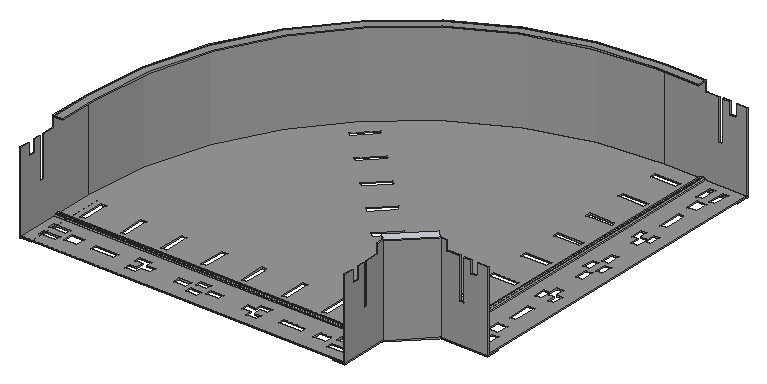
Revit family "Bogen 90 RBM 90 140 FS", category Generic Models, Revit 2017
Family settings
  Can host rebar = No
  Round Connector Dimension = Use Diameter
  Part Type = Normal
  Work Plane-Based = No
  Always vertical = Yes
  Cut with Voids When Loaded = No
  Shared = No
  Room Calculation Point = No
Parameters (values of type "RBM 90 140 FS")
  Width = 400 mm
  URL = "http://www.obo-bettermann.com"
  Material = Strip galvanised
  Manufacturer Art.No. = "6041846"
  Manufacturer = "OBO BETTERMANN"
  GTIN = "4012195880578"
  Cut's number = 8
  Article Type = "RBM 90 140 FS"
Reference planes
  plane 1 "Center (Front/Back)": y = 0
  plane 2: z = 0
  plane 3 "Center (Left/Right)": x = 0
  plane 4: x = 400
  plane 5: x = 345.5
  plane 6: x = 340.7
  plane 7: z = 3.25
  plane 8: y = 400
  plane 9: y = -100
  plane 10: x = -100
  plane 11: y = -40.7
  plane 12: y = -45.5
  plane 13: z = 3.25
  plane 14: x = 300
  plane 15: y = 3.1
  plane 16: x = 296.9
  plane 17: through (400, -100, 1200) normal (-0.7071, -0.7071, 0)
  plane 18: x = 100
  plane 19: y = -74.5
  plane 20: y = -66.5
  plane 21: y = -82.5
  plane 22: x = 120
  plane 23: x = 80
  plane 24: x = 182
  plane 25: x = 216.5
  plane 26: x = 254
  plane 27: x = 278.5
  plane 28: through (400, -100, 1200) normal (-0.7071, -0.7071, 0)
  plane 29: x = 319
  plane 30: y = 375
  plane 31: y = 25
  plane 32: x = 319
  plane 33: y = 325
  plane 34: y = -25
  plane 35: x = 319
  plane 36: y = 275
  plane 37: y = -75
  plane 38: x = 319
  plane 39: y = 225
  plane 40: y = -125
  plane 41: x = 319
  plane 42: y = 175
  plane 43: y = -175
  plane 44: x = 319
  plane 45: y = 125
  plane 46: y = -225
  plane 47: x = 319
  plane 48: y = 75
  plane 49: y = -275
  plane 50: x = 319
  plane 51: y = 25
  plane 52: y = -325
  plane 53: x = -75
  plane 54: y = -19
  plane 55: x = -25
  plane 56: y = -19
  plane 57: x = 25
  plane 58: y = -19
  plane 59: x = 75
  plane 60: y = -19
  plane 61: x = 125
  plane 62: y = -19
  plane 63: x = 175
  plane 64: y = -19
  plane 65: x = 225
  plane 66: y = -19
  plane 67: x = 275
  plane 68: y = -19
  plane 69: z = -1.25
  plane 70: z = 111.75
  plane 71: x = 348.5
  plane 72: y = -48.5
  plane 73: z = 110.5
  plane 74: z = 48.75
  plane 75: x = 370
  plane 76: x = 384.5
  plane 77: z = 96.95
  plane 78: z = 98.75
  plane 79: z = 83.95
  plane 80: z = 98.75
  plane 81: z = 48.75
  plane 82: y = -70
  plane 83: y = -84.5
  plane 84: z = 96.95
  plane 85: z = 109.25
Forms (mm)
  Extrusion 1, solid, material "Strip galvanised" <- "Material"
    sketch origin (0, 0, 0) x (1, 0, 0) y (0, 0, 1)
      loop
        line (400, 0) -> (400, 1.3) -> (349.106, 1.3)
        arc (349.106, 1.3) -> (348.391, 1.482) -> (347.848, 1.983) r 1.5
        arc (347.848, 1.983) -> (345.5, 3.258) -> (343.152, 1.983) r 2.8
        arc (343.152, 1.983) -> (342.609, 1.482) -> (341.894, 1.3) r 1.5
        line (341.894, 1.3) -> (340.7, 1.3) -> (340.7, 0) -> (341.894, 0)
        arc (341.894, 0) -> (343.23, 0.339) -> (344.242, 1.275) r 2.8
        arc (344.242, 1.275) -> (345.5, 1.958) -> (346.758, 1.275) r 1.5
        arc (346.758, 1.275) -> (347.77, 0.339) -> (349.106, 0) r 2.8
        line (349.106, 0) -> (400, 0)
    from 0 to -400
  Extrusion 2, solid, material "Strip galvanised" <- "Material"
    sketch origin (0, 0, 0) x (0, 1, 0) y (0, 0, 1)
      loop
        line (-100, 0) -> (-49.157, 0)
        arc (-49.157, 0) -> (-47.825, 0.337) -> (-46.813, 1.268) r 2.8
        arc (-46.813, 1.268) -> (-45.558, 1.948) -> (-44.302, 1.268) r 1.5
        arc (-44.302, 1.268) -> (-43.291, 0.337) -> (-41.958, 0) r 2.8
        line (-41.958, 0) -> (-40.7, 0) -> (-40.7, 1.3) -> (-41.958, 1.3)
        arc (-41.958, 1.3) -> (-42.672, 1.481) -> (-43.214, 1.979) r 1.5
        arc (-43.214, 1.979) -> (-45.558, 3.248) -> (-47.902, 1.979) r 2.8
        arc (-47.902, 1.979) -> (-48.444, 1.481) -> (-49.157, 1.3) r 1.5
        line (-49.157, 1.3) -> (-100, 1.3) -> (-100, 0)
    from -100 to 300
  Extrusion 3, solid, material "Strip galvanised" <- "Material"
    sketch origin (0, 0, 0) x (1, 0, 0) y (0, 1, 0)
      loop
        line (-100, -40.7) -> (300, -40.7) -> (340.7, 0) -> (340.7, 400) -> (296.9, 400)
        arc (296.9, 400) -> (16.249, 283.751) -> (-100, 3.1) r 396.9
        line (-100, 3.1) -> (-100, -40.7)
    from 0 to 1.3
  Extrusion 4, void
    sketch origin (0, 0, 0) x (1, 0, 0) y (0, 1, 0)
      loop
        line (93, -62.71) -> (93, -70.31) -> (107, -70.31) -> (107, -62.71) -> (93, -62.71)
      loop
        line (93, -86.29) -> (107, -86.29) -> (107, -78.69) -> (93, -78.69) -> (93, -86.29)
      loop
        line (112, -70.31) -> (112, -78.69) -> (128.03, -78.69) -> (128.03, -70.31) -> (112, -70.31)
      loop
        line (72, -70.31) -> (72, -78.69) -> (88, -78.69) -> (88, -70.31) -> (72, -70.31)
      loop
        line (182, -70.31) -> (182, -62.739) -> (167.983, -62.739) -> (167.983, -70.31) -> (156.979, -70.31) -> (156.979, -78.69) -> (167.983, -78.69) -> (167.983, -86.26) -> (182, -86.26) -> (182, -78.69) -> (173.003, -78.69) -> (173.003, -70.31) -> (182, -70.31)
      loop
        line (202, -70.5) -> (202, -78.5) -> (231, -78.5) -> (231, -70.5) -> (202, -70.5)
      loop
        line (246, -68.5) -> (246, -80.5) -> (262, -80.5) -> (262, -68.5) -> (246, -68.5)
      loop
        line (268, -62.7) -> (268, -70.3) -> (289, -70.3) -> (289, -62.7) -> (268, -62.7)
      loop
        line (268, -86.3) -> (289, -86.3) -> (289, -78.7) -> (268, -78.7) -> (268, -86.3)
      loop
        line (18, -70.31) -> (26.997, -70.31) -> (26.997, -78.69) -> (18, -78.69) -> (18, -86.26) -> (32.017, -86.26) -> (32.017, -78.69) -> (43.021, -78.69) -> (43.021, -70.31) -> (32.017, -70.31) -> (32.017, -62.739) -> (18, -62.739) -> (18, -70.31)
      loop
        line (-2, -70.5) -> (-31, -70.5) -> (-31, -78.5) -> (-2, -78.5) -> (-2, -70.5)
      loop
        line (-46, -68.5) -> (-62, -68.5) -> (-62, -80.5) -> (-46, -80.5) -> (-46, -68.5)
      loop
        line (-68, -62.7) -> (-89, -62.7) -> (-89, -70.3) -> (-68, -70.3) -> (-68, -62.7)
      loop
        line (-68, -86.3) -> (-68, -78.7) -> (-89, -78.7) -> (-89, -86.3) -> (-68, -86.3)
    from 0 to 1.3
  Extrusion 5, void
    sketch origin (0, 0, 0) x (1, 0, 0) y (0, 1, 0)
      loop
        line (362.7, 389) -> (362.7, 368) -> (370.3, 368) -> (370.3, 389) -> (362.7, 389)
      loop
        line (378.7, 389) -> (378.7, 368) -> (386.3, 368) -> (386.3, 389) -> (378.7, 389)
      loop
        line (368.5, 362) -> (368.5, 346) -> (380.5, 346) -> (380.5, 362) -> (368.5, 362)
      loop
        line (370.5, 331) -> (370.5, 302) -> (378.5, 302) -> (378.5, 331) -> (370.5, 331)
      loop
        line (362.739, 282) -> (362.739, 267.983) -> (370.31, 267.983) -> (370.31, 256.979) -> (378.69, 256.979) -> (378.69, 267.983) -> (386.26, 267.983) -> (386.26, 282) -> (378.69, 282) -> (378.69, 273.003) -> (370.31, 273.003) -> (370.31, 282) -> (362.739, 282)
      loop
        line (370.31, 228) -> (370.31, 212) -> (378.69, 212) -> (378.69, 228) -> (370.31, 228)
      loop
        line (378.69, 207) -> (378.69, 193) -> (386.29, 193) -> (386.29, 207) -> (378.69, 207)
      loop
        line (362.71, 207) -> (362.71, 193) -> (370.31, 193) -> (370.31, 207) -> (362.71, 207)
      loop
        line (370.31, 188) -> (370.31, 171.97) -> (378.69, 171.97) -> (378.69, 188) -> (370.31, 188)
      loop
        line (370.5, 98) -> (370.5, 69) -> (378.5, 69) -> (378.5, 98) -> (370.5, 98)
      loop
        line (368.5, 54) -> (368.5, 38) -> (380.5, 38) -> (380.5, 54) -> (368.5, 54)
      loop
        line (362.7, 32) -> (362.7, 11) -> (370.3, 11) -> (370.3, 32) -> (362.7, 32)
      loop
        line (378.7, 32) -> (378.7, 11) -> (386.3, 11) -> (386.3, 32) -> (378.7, 32)
      loop
        line (362.739, 118) -> (370.31, 118) -> (370.31, 126.997) -> (378.69, 126.997) -> (378.69, 118) -> (386.26, 118) -> (386.26, 132.017) -> (378.69, 132.017) -> (378.69, 143.021) -> (370.31, 143.021) -> (370.31, 132.017) -> (362.739, 132.017) -> (362.739, 118)
    from 0 to 1.3
  Extrusion 6, void
    sketch origin (0, 0, 0) x (1, 0, 0) y (0, 1, 0)
      loop
        line (303, 378.5) -> (303, 371.5) -> (335, 371.5) -> (335, 378.5) -> (303, 378.5)
    from 0 to 1.3
  Extrusion 7, void
    sketch origin (0, -50, 0) x (1, 0, 0) y (0, 1, 0)
      loop
        line (303, 378.5) -> (303, 371.5) -> (335, 371.5) -> (335, 378.5) -> (303, 378.5)
    from 0 to 1.3
  Extrusion 8, void
    sketch origin (0, -100, 0) x (1, 0, 0) y (0, 1, 0)
      loop
        line (303, 378.5) -> (303, 371.5) -> (335, 371.5) -> (335, 378.5) -> (303, 378.5)
    from 0 to 1.3
  Extrusion 9, void
    sketch origin (0, -150, 0) x (1, 0, 0) y (0, 1, 0)
      loop
        line (303, 378.5) -> (303, 371.5) -> (335, 371.5) -> (335, 378.5) -> (303, 378.5)
    from 0 to 1.3
  Extrusion 10, void
    sketch origin (0, -200, 0) x (1, 0, 0) y (0, 1, 0)
      loop
        line (303, 378.5) -> (303, 371.5) -> (335, 371.5) -> (335, 378.5) -> (303, 378.5)
    from 0 to 1.3
  Extrusion 11, void
    sketch origin (0, -250, 0) x (1, 0, 0) y (0, 1, 0)
      loop
        line (303, 378.5) -> (303, 371.5) -> (335, 371.5) -> (335, 378.5) -> (303, 378.5)
    from 0 to 1.3
  Extrusion 12, void
    sketch origin (0, -300, 0) x (1, 0, 0) y (0, 1, 0)
      loop
        line (303, 378.5) -> (303, 371.5) -> (335, 371.5) -> (335, 378.5) -> (303, 378.5)
    from 0 to 1.3
  Extrusion 13, void
    sketch origin (0, -350, 0) x (1, 0, 0) y (0, 1, 0)
      loop
        line (303, 378.5) -> (303, 371.5) -> (335, 371.5) -> (335, 378.5) -> (303, 378.5)
    from 0 to 1.3
  Extrusion 14, void
    sketch origin (0, 0, 0) x (1, 0, 0) y (0, 1, 0)
      loop
        line (-78.5, -3) -> (-78.5, -35) -> (-71.5, -35) -> (-71.5, -3) -> (-78.5, -3)
    from 0 to 1.3
  Extrusion 15, void
    sketch origin (50, 0, 0) x (1, 0, 0) y (0, 1, 0)
      loop
        line (-78.5, -3) -> (-78.5, -35) -> (-71.5, -35) -> (-71.5, -3) -> (-78.5, -3)
    from 0 to 1.3
  Extrusion 16, void
    sketch origin (100, 0, 0) x (1, 0, 0) y (0, 1, 0)
      loop
        line (-78.5, -3) -> (-78.5, -35) -> (-71.5, -35) -> (-71.5, -3) -> (-78.5, -3)
    from 0 to 1.3
  Extrusion 17, void
    sketch origin (150, 0, 0) x (1, 0, 0) y (0, 1, 0)
      loop
        line (-78.5, -3) -> (-78.5, -35) -> (-71.5, -35) -> (-71.5, -3) -> (-78.5, -3)
    from 0 to 1.3
  Extrusion 18, void
    sketch origin (200, 0, 0) x (1, 0, 0) y (0, 1, 0)
      loop
        line (-78.5, -3) -> (-78.5, -35) -> (-71.5, -35) -> (-71.5, -3) -> (-78.5, -3)
    from 0 to 1.3
  Extrusion 19, void
    sketch origin (250, 0, 0) x (1, 0, 0) y (0, 1, 0)
      loop
        line (-78.5, -3) -> (-78.5, -35) -> (-71.5, -35) -> (-71.5, -3) -> (-78.5, -3)
    from 0 to 1.3
  Extrusion 20, void
    sketch origin (300, 0, 0) x (1, 0, 0) y (0, 1, 0)
      loop
        line (-78.5, -3) -> (-78.5, -35) -> (-71.5, -35) -> (-71.5, -3) -> (-78.5, -3)
    from 0 to 1.3
  Extrusion 21, void
    sketch origin (350, 0, 0) x (1, 0, 0) y (0, 1, 0)
      loop
        line (-78.5, -3) -> (-78.5, -35) -> (-71.5, -35) -> (-71.5, -3) -> (-78.5, -3)
    from 0 to 1.3
  Extrusion 22, void
    sketch origin (0, 0, 0) x (1, 0, 0) y (0, 1, 0)
      loop
        arc (43.007, 279.62) -> (31.452, 268.548) -> (20.38, 256.993) r 375.4
        line (20.38, 256.993) -> (25.334, 252.039)
        arc (25.334, 252.039) -> (36.402, 263.598) -> (47.961, 274.666) r 368.4
        line (47.961, 274.666) -> (43.007, 279.62)
    from 0 to 1.3
  Extrusion 23, void
    sketch origin (35.355, -35.355, 0) x (1, 0, 0) y (0, 1, 0)
      loop
        arc (43.007, 279.62) -> (31.452, 268.548) -> (20.38, 256.993) r 375.4
        line (20.38, 256.993) -> (25.334, 252.039)
        arc (25.334, 252.039) -> (36.402, 263.598) -> (47.961, 274.666) r 368.4
        line (47.961, 274.666) -> (43.007, 279.62)
    from 0 to 1.3
  Extrusion 24, void
    sketch origin (70.711, -70.711, 0) x (1, 0, 0) y (0, 1, 0)
      loop
        arc (43.007, 279.62) -> (31.452, 268.548) -> (20.38, 256.993) r 375.4
        line (20.38, 256.993) -> (25.334, 252.039)
        arc (25.334, 252.039) -> (36.402, 263.598) -> (47.961, 274.666) r 368.4
        line (47.961, 274.666) -> (43.007, 279.62)
    from 0 to 1.3
  Extrusion 25, void
    sketch origin (106.066, -106.066, 0) x (1, 0, 0) y (0, 1, 0)
      loop
        arc (43.007, 279.62) -> (31.452, 268.548) -> (20.38, 256.993) r 375.4
        line (20.38, 256.993) -> (25.334, 252.039)
        arc (25.334, 252.039) -> (36.402, 263.598) -> (47.961, 274.666) r 368.4
        line (47.961, 274.666) -> (43.007, 279.62)
    from 0 to 1.3
  Extrusion 26, void
    sketch origin (141.421, -141.421, 0) x (1, 0, 0) y (0, 1, 0)
      loop
        arc (43.007, 279.62) -> (31.452, 268.548) -> (20.38, 256.993) r 375.4
        line (20.38, 256.993) -> (25.334, 252.039)
        arc (25.334, 252.039) -> (36.402, 263.598) -> (47.961, 274.666) r 368.4
        line (47.961, 274.666) -> (43.007, 279.62)
    from 0 to 1.3
  Extrusion 27, void
    sketch origin (176.777, -176.777, 0) x (1, 0, 0) y (0, 1, 0)
      loop
        arc (43.007, 279.62) -> (31.452, 268.548) -> (20.38, 256.993) r 375.4
        line (20.38, 256.993) -> (25.334, 252.039)
        arc (25.334, 252.039) -> (36.402, 263.598) -> (47.961, 274.666) r 368.4
        line (47.961, 274.666) -> (43.007, 279.62)
    from 0 to 1.3
  Extrusion 28, void
    sketch origin (212.132, -212.132, 0) x (1, 0, 0) y (0, 1, 0)
      loop
        arc (43.007, 279.62) -> (31.452, 268.548) -> (20.38, 256.993) r 375.4
        line (20.38, 256.993) -> (25.334, 252.039)
        arc (25.334, 252.039) -> (36.402, 263.598) -> (47.961, 274.666) r 368.4
        line (47.961, 274.666) -> (43.007, 279.62)
    from 0 to 1.3
  Extrusion 29, void
    sketch origin (247.487, -247.487, 0) x (1, 0, 0) y (0, 1, 0)
      loop
        arc (43.007, 279.62) -> (31.452, 268.548) -> (20.38, 256.993) r 375.4
        line (20.38, 256.993) -> (25.334, 252.039)
        arc (25.334, 252.039) -> (36.402, 263.598) -> (47.961, 274.666) r 368.4
        line (47.961, 274.666) -> (43.007, 279.62)
    from 0 to 1.3
  Extrusion 30, solid, material "Strip galvanised" <- "Material"
    sketch origin (0, 0, 0) x (1, 0, 0) y (0, 1, 0)
      loop
        line (400, 400) -> (296.9, 400)
        arc (296.9, 400) -> (16.249, 283.751) -> (-100, 3.1) r 396.9
        line (-100, 3.1) -> (-100, -100) -> (-86.2, -100) -> (-86.2, 3.1)
        arc (-86.2, 3.1) -> (26.007, 273.993) -> (296.9, 386.2) r 383.1
        line (296.9, 386.2) -> (400, 386.2) -> (400, 400)
    from 0 to -1.25
  Extrusion 31, solid, material "Strip galvanised" <- "Material"
    sketch origin (0, 0, 0) x (1, 0, 0) y (0, 1, 0)
      loop
        line (400, 400) -> (400, 401.3) -> (296.9, 401.3)
        arc (296.9, 401.3) -> (15.33, 284.67) -> (-101.3, 3.1) r 398.2
        line (-101.3, 3.1) -> (-101.3, -100) -> (-100, -100) -> (-100, 3.1)
        arc (-100, 3.1) -> (16.249, 283.751) -> (296.9, 400) r 396.9
        line (296.9, 400) -> (400, 400)
    from -1.25 to 111.75
  Extrusion 32, solid, material "Strip galvanised" <- "Material"
    sketch origin (0, 0, 0) x (1, 0, 0) y (0, 1, 0)
      loop
        line (348.5, 400) -> (296.9, 400)
        arc (296.9, 400) -> (16.249, 283.751) -> (-100, 3.1) r 396.9
        line (-100, 3.1) -> (-100, -48.5) -> (-89.2, -48.5) -> (-89.2, 3.1)
        arc (-89.2, 3.1) -> (23.886, 276.114) -> (296.9, 389.2) r 386.1
        line (296.9, 389.2) -> (348.5, 389.2) -> (348.5, 400)
    from 110.5 to 111.75
  Extrusion 33, void
    sketch origin (0, 0, 0) x (1, 0, 0) y (0, 0, 1)
      loop
        line (370, 111.75) -> (365, 111.75) -> (365, 48.75) -> (370, 48.75) -> (370, 111.75)
      loop
        line (387.7, 111.75) -> (378.7, 111.75) -> (378.7, 83.95) -> (387.7, 83.95) -> (387.7, 111.75)
    from -401.3 to -400
  Extrusion 34, void
    sketch origin (0, 0, 0) x (1, 0, 0) y (0, 0, 1)
      loop
        line (348.5, 111.75) -> (348.5, 98.75) -> (365, 98.75) -> (365, 111.75) -> (348.5, 111.75)
      loop
        line (370, 111.75) -> (370, 98.75) -> (381.3, 98.75) -> (381.3, 111.75) -> (370, 111.75)
      loop
        line (387.7, 111.75) -> (387.7, 98.75) -> (400, 98.75) -> (400, 111.75) -> (387.7, 111.75)
    from -401.3 to -400
  Extrusion 35, void
    sketch origin (300, 300, 0) x (0, -1, 0) y (0, 0, -1)
      loop
        line (348.5, -111.75) -> (365, -111.75) -> (365, -98.75) -> (348.5, -98.75) -> (348.5, -111.75)
      loop
        line (370, -111.75) -> (381.3, -111.75) -> (381.3, -98.75) -> (370, -98.75) -> (370, -111.75)
      loop
        line (387.7, -111.75) -> (400, -111.75) -> (400, -98.75) -> (387.7, -98.75) -> (387.7, -111.75)
    from -401.3 to -400
  Extrusion 36, void
    sketch origin (300, 300, 0) x (0, -1, 0) y (0, 0, -1)
      loop
        line (370, -111.75) -> (370, -48.75) -> (365, -48.75) -> (365, -111.75) -> (370, -111.75)
      loop
        line (387.7, -111.75) -> (387.7, -83.95) -> (378.7, -83.95) -> (378.7, -111.75) -> (387.7, -111.75)
    from -401.3 to -400
  Extrusion 37, solid, material "Strip galvanised" <- "Material"
    sketch origin (0, 0, 0) x (1, 0, 0) y (0, 1, 0)
      loop
        line (400, 0) -> (340.7, 0) -> (300, -40.7) -> (300, -100) -> (301.3, -100) -> (301.3, -41.238) -> (341.238, -1.3) -> (400, -1.3) -> (400, 0)
    from 0 to 110.5
  Extrusion 38, solid, material "Strip galvanised" <- "Material"
    sketch origin (0, 0, 0) x (1, 0, 0) y (0, 1, 0)
      loop
        line (400, -1.3) -> (400, 13.7) -> (342.815, 13.7) -> (342.815, -1.3) -> (400, -1.3)
      loop
        line (301.3, -100) -> (301.3, -42.771) -> (286.3, -42.771) -> (286.3, -100) -> (301.3, -100)
      loop
        line (341.068, -1.47) -> (330.462, 9.136) -> (290.864, -30.462) -> (301.47, -41.068) -> (341.068, -1.47)
    from -1.25 to 0
  Extrusion 39, void
    sketch origin (0, 0, 0) x (1, 0, 0) y (0, 0, 1)
      loop
        line (348.5, 110.5) -> (348.5, 98.75) -> (365, 98.75) -> (365, 48.75) -> (370, 48.75) -> (370, 98.75) -> (378.7, 98.75) -> (378.7, 83.95) -> (387.7, 83.95) -> (387.7, 98.75) -> (400, 98.75) -> (400, 110.5) -> (348.5, 110.5)
    from 0 to 1.3
  Extrusion 40, void
    sketch origin (300, 300, 0) x (0, -1, 0) y (0, 0, -1)
      loop
        line (348.5, -110.5) -> (400, -110.5) -> (400, -98.75) -> (387.7, -98.75) -> (387.7, -83.95) -> (378.7, -83.95) -> (378.7, -98.75) -> (370, -98.75) -> (370, -48.75) -> (365, -48.75) -> (365, -98.75) -> (348.5, -98.75) -> (348.5, -110.5)
    from 0 to 1.3
  Extrusion 41, solid
    sketch origin (0, 0, 0) x (1, 0, 0) y (0, 1, 0)
      loop
        line (341.068, -1.47) -> (333.467, 6.131) -> (293.869, -33.467) -> (301.47, -41.068) -> (341.068, -1.47)
    from 110.5 to 111.75
Cuts and joins
  Extrusion 4 cuts Extrusion 2
  Extrusion 5 cuts Extrusion 1
  Extrusion 6, Extrusion 7, Extrusion 8, Extrusion 9, Extrusion 10, Extrusion 11, Extrusion 12, Extrusion 13, Extrusion 14, Extrusion 15, Extrusion 16, Extrusion 17, Extrusion 18, Extrusion 19, Extrusion 20, Extrusion 21, Extrusion 22, Extrusion 23, Extrusion 24, Extrusion 25, Extrusion 26, Extrusion 27, Extrusion 28, Extrusion 29 cuts Extrusion 3
  Extrusion 33, Extrusion 34, Extrusion 35, Extrusion 36 cuts Extrusion 31
  Extrusion 34 cuts Extrusion 32
  Extrusion 39, Extrusion 40 cuts Extrusion 37
Dimensions and locks
  locked: plane 4 to plane 3 "Center (Left/Right)" at 400
  locked: plane 4 to plane 5 at 54.5
  locked: plane 4 to plane 6 at 59.3
  locked: plane 7 to level at 3.25
  locked: Extrusion 1 sketch curve to Extrusion 1 sketch curve at 1.3  (x2)
  locked: Extrusion 1 sketch curve to level at 3.258
  locked: Extrusion 1 sketch curve to Extrusion 1 sketch curve at 59.3
  locked: plane 1 "Center (Front/Back)" to plane 8 at 400
  locked: plane 8 to plane 9 at 500
  locked: plane 10 to Extrusion 1 at 500
  locked: plane 9 to plane 11 at 59.3
  locked: plane 9 to plane 12 at 54.5
  locked: Extrusion 2 sketch curve to plane 13 at 3.25
  Extrusion 2 sketch curve to Extrusion 2 sketch curve = 59.3 mm
  locked: Extrusion 2 sketch curve to Extrusion 2 sketch curve at 1.3
  locked: Extrusion 2 sketch curve to Extrusion 2 sketch curve at 3.248
  locked: plane 10 to plane 14 at 400
  locked: plane 16 to Extrusion 1 at 103.1
  locked: plane 15 to plane 9 at 103.1
  locked: Extrusion 2 to plane 18 at 200
  locked: Extrusion 2 to plane 19 at 25.5
  locked: plane 20 to plane 21 at 16
  locked: Extrusion 2 to plane 21 at 17.5
  locked: Extrusion 4 sketch curve to Extrusion 4 sketch curve at 14  (x2)
  locked: plane 18 to Extrusion 4 sketch curve at 7
  locked: Extrusion 4 sketch curve to Extrusion 4 sketch curve at 7.6  (x6)
  locked: plane 20 to Extrusion 4 sketch curve at 3.81
  locked: Extrusion 4 sketch curve to Extrusion 4 sketch curve at 8.381  (x3)
  locked: Extrusion 4 sketch curve to Extrusion 4 sketch curve at 16  (x3)
  locked: Extrusion 4 sketch curve to plane 23 at 8
  locked: Extrusion 4 sketch curve to Extrusion 4 sketch curve at 16.03
  locked: Extrusion 4 sketch curve to plane 22 at 8
  locked: plane 18 to plane 24 at 82
  locked: Extrusion 4 sketch curve to Extrusion 4 sketch curve at 14.017  (x4)
  locked: Extrusion 4 sketch curve to Extrusion 4 sketch curve at 8.997  (x4)
  locked: Extrusion 4 sketch curve to Extrusion 4 sketch curve at 7.571  (x2)
  locked: Extrusion 4 sketch curve to Extrusion 4 sketch curve at 7.569  (x2)
  locked: plane 18 to plane 25 at 116.5
  locked: Extrusion 4 sketch curve to Extrusion 4 sketch curve at 8  (x2)
  locked: plane 19 to Extrusion 4 sketch curve at 4
  locked: Extrusion 4 sketch curve to Extrusion 4 sketch curve at 29  (x2)
  locked: Extrusion 4 sketch curve to plane 25 at 14.5
  locked: plane 18 to plane 26 at 154
  locked: Extrusion 4 sketch curve to plane 26 at 8
  locked: Extrusion 4 sketch curve to Extrusion 4 sketch curve at 12  (x2)
  locked: plane 19 to Extrusion 4 sketch curve at 6
  locked: plane 18 to plane 27 at 178.5
  locked: Extrusion 4 sketch curve to Extrusion 4 sketch curve at 21  (x4)
  locked: plane 27 to Extrusion 4 sketch curve at 10.5
  locked: plane 20 to Extrusion 4 sketch curve at 3.8
  locked: Extrusion 6 sketch curve to Extrusion 6 sketch curve at 7
  locked: plane 30 to Extrusion 6 sketch curve at 3.5
  locked: Extrusion 6 sketch curve to Extrusion 6 sketch curve at 32
  locked: Extrusion 6 sketch curve to plane 29 at 16
  locked: Extrusion 7 sketch curve to Extrusion 7 sketch curve at 7
  locked: plane 33 to Extrusion 7 sketch curve at 3.5
  locked: Extrusion 7 sketch curve to Extrusion 7 sketch curve at 32
  locked: Extrusion 7 sketch curve to plane 32 at 16
  equal spacing: group 1, group 2, group 3, group 4, group 5, group 6, group 7, group 8  (x2)
  equal spacing: group 8, group 7, group 6, group 5, group 4, group 3, group 2, group 1
  locked: Extrusion 8 sketch curve to Extrusion 8 sketch curve at 7
  locked: plane 36 to Extrusion 8 sketch curve at 3.5
  locked: Extrusion 8 sketch curve to Extrusion 8 sketch curve at 32
  locked: Extrusion 8 sketch curve to plane 35 at 16
  locked: Extrusion 9 sketch curve to Extrusion 9 sketch curve at 7
  locked: plane 39 to Extrusion 9 sketch curve at 3.5
  locked: Extrusion 9 sketch curve to Extrusion 9 sketch curve at 32
  locked: Extrusion 9 sketch curve to plane 38 at 16
  locked: Extrusion 10 sketch curve to Extrusion 10 sketch curve at 7
  locked: plane 42 to Extrusion 10 sketch curve at 3.5
  locked: Extrusion 10 sketch curve to Extrusion 10 sketch curve at 32
  locked: Extrusion 10 sketch curve to plane 41 at 16
  locked: Extrusion 11 sketch curve to Extrusion 11 sketch curve at 7
  locked: plane 45 to Extrusion 11 sketch curve at 3.5
  locked: Extrusion 11 sketch curve to Extrusion 11 sketch curve at 32
  locked: Extrusion 11 sketch curve to plane 44 at 16
  locked: Extrusion 12 sketch curve to Extrusion 12 sketch curve at 7
  locked: plane 48 to Extrusion 12 sketch curve at 3.5
  locked: Extrusion 12 sketch curve to Extrusion 12 sketch curve at 32
  locked: Extrusion 12 sketch curve to plane 47 at 16
  locked: Extrusion 13 sketch curve to Extrusion 13 sketch curve at 7
  locked: plane 51 to Extrusion 13 sketch curve at 3.5
  locked: Extrusion 13 sketch curve to Extrusion 13 sketch curve at 32
  locked: Extrusion 13 sketch curve to plane 50 at 16
  cut or joined group 1 (Extrusion 3, Extrusion 6, Extrusion 7, Extrusion 8, Extrusion 9, Extrusion 10, Extrusion 11, Extrusion 12, Extrusion 13, Extrusion 14, Extrusion 15, Extrusion 16, Extrusion 17, Extrusion 18, Extrusion 19, Extrusion 20, Extrusion 21, Extrusion 22, Extrusion 23, Extrusion 24, Extrusion 25, Extrusion 26, Extrusion 27, Extrusion 28, Extrusion 29) to plane 53 = 25 mm
  locked: Extrusion 14 sketch curve to Extrusion 14 sketch curve at 7
  locked: Extrusion 14 sketch curve to Extrusion 14 sketch curve at 32
  locked: plane 53 to Extrusion 14 sketch curve at 3.5
  locked: plane 54 to Extrusion 14 sketch curve at 16
  locked: Extrusion 15 sketch curve to Extrusion 15 sketch curve at 7
  locked: Extrusion 15 sketch curve to Extrusion 15 sketch curve at 32
  locked: plane 55 to Extrusion 15 sketch curve at 3.5
  locked: plane 56 to Extrusion 15 sketch curve at 16
  equal spacing: group 9, group 10, group 11, group 12, group 13, group 14, group 15, group 16  (x3)
  locked: Extrusion 16 sketch curve to Extrusion 16 sketch curve at 7
  locked: Extrusion 16 sketch curve to Extrusion 16 sketch curve at 32
  locked: plane 57 to Extrusion 16 sketch curve at 3.5
  locked: plane 58 to Extrusion 16 sketch curve at 16
  locked: Extrusion 17 sketch curve to Extrusion 17 sketch curve at 7
  locked: Extrusion 17 sketch curve to Extrusion 17 sketch curve at 32
  locked: plane 59 to Extrusion 17 sketch curve at 3.5
  locked: plane 60 to Extrusion 17 sketch curve at 16
  locked: Extrusion 18 sketch curve to Extrusion 18 sketch curve at 7
  locked: Extrusion 18 sketch curve to Extrusion 18 sketch curve at 32
  locked: plane 61 to Extrusion 18 sketch curve at 3.5
  locked: plane 62 to Extrusion 18 sketch curve at 16
  locked: Extrusion 19 sketch curve to Extrusion 19 sketch curve at 7
  locked: Extrusion 19 sketch curve to Extrusion 19 sketch curve at 32
  locked: plane 63 to Extrusion 19 sketch curve at 3.5
  locked: plane 64 to Extrusion 19 sketch curve at 16
  locked: Extrusion 20 sketch curve to Extrusion 20 sketch curve at 7
  locked: Extrusion 20 sketch curve to Extrusion 20 sketch curve at 32
  locked: plane 65 to Extrusion 20 sketch curve at 3.5
  locked: plane 66 to Extrusion 20 sketch curve at 16
  locked: Extrusion 21 sketch curve to Extrusion 21 sketch curve at 7
  locked: Extrusion 21 sketch curve to Extrusion 21 sketch curve at 32
  locked: plane 67 to Extrusion 21 sketch curve at 3.5
  locked: plane 68 to Extrusion 21 sketch curve at 16
  equal spacing: group 17, group 18, group 19, group 20, group 21, group 22, group 23, group 24  (x2)
  equal spacing: group 24, group 23, group 22, group 21, group 20, group 19, group 18, group 17
  locked: cut or joined group 1 to Extrusion 30 sketch curve at 13.8
  locked: cut or joined group of Extrusion 2, Extrusion 4 to Extrusion 30 sketch curve at 13.8
  locked: cut or joined group of Extrusion 2, Extrusion 4 to cut or joined group of Extrusion 1, Extrusion 5 at 500
  locked: Extrusion 30 to Extrusion 30 at 1.25
  locked: plane 70 to Extrusion 30 at 113
  locked: plane 71 to cut or joined group of Extrusion 1, Extrusion 5 at 51.5
  locked: cut or joined group of Extrusion 2, Extrusion 4 to plane 72 at 51.5
  locked: cut or joined group of Extrusion 2, Extrusion 4 to Extrusion 32 sketch curve at 51.5
  locked: Extrusion 32 sketch curve to cut or joined group of Extrusion 1, Extrusion 5 at 51.5
  locked: Extrusion 31 to Extrusion 32 sketch curve at 10.8  (x2)
  locked: Extrusion 32 to Extrusion 32 at 1.25
  locked: plane 74 to Extrusion 30 at 50
  Extrusion 31 to plane 75 = 30 mm
  locked: Extrusion 31 to plane 76 at 15.5
  locked: Extrusion 31 to plane 77 at 14.8
  locked: plane 78 to Extrusion 30 at 100
  locked: cut or joined group of Extrusion 31, Extrusion 33, Extrusion 34, Extrusion 35, Extrusion 36 to plane 79 at 14.8
  locked: Extrusion 37 sketch curve to Extrusion 37 sketch curve at 58.762  (x2)
  locked: cut or joined group of Extrusion 2, Extrusion 4 to Extrusion 37 sketch curve at 1.3
  locked: Extrusion 37 sketch curve to cut or joined group of Extrusion 1, Extrusion 5 at 1.3
  locked: cut or joined group 1 to Extrusion 37 sketch curve at 1.3
  locked: Extrusion 38 sketch curve to cut or joined group of Extrusion 1, Extrusion 5 at 57.185
  locked: Extrusion 38 sketch curve to cut or joined group of Extrusion 2, Extrusion 4 at 57.229
  locked: Extrusion 38 sketch curve to Extrusion 38 sketch curve at 56
  locked: Extrusion 38 sketch curve to Extrusion 37 at 15
  locked: Extrusion 37 to Extrusion 38 sketch curve at 15  (x2)
  locked: Extrusion 38 to Extrusion 38 at 56
  locked: Extrusion 41 sketch curve to cut or joined group of Extrusion 37, Extrusion 39, Extrusion 40 at 10.75
  aligned and locked: level to plane 2
  aligned and locked: Extrusion 1 sketch curve to plane 4
  aligned and locked: plane 8 to Extrusion 1
  aligned and locked: plane 1 "Center (Front/Back)" to Extrusion 1
  aligned and locked: Extrusion 2 sketch curve to plane 11
  aligned and locked: plane 14 to Extrusion 2
  aligned and locked: Extrusion 2 to plane 10
  aligned and locked: Extrusion 3 sketch curve to Extrusion 1
  aligned and locked: Extrusion 3 sketch curve to Extrusion 2
  aligned and locked: Extrusion 1 to Extrusion 3  (x2)
  aligned and locked: Extrusion 3 to Extrusion 1
  aligned and locked: Extrusion 3 to Extrusion 2
  aligned and locked: Extrusion 3 to plane 10
  aligned and locked: Extrusion 3 to level
  aligned and locked: Extrusion 4 to level
  aligned and locked: Extrusion 2 to Extrusion 4
  aligned and locked: Extrusion 5 to level
  aligned and locked: Extrusion 1 to Extrusion 5
  aligned and locked: Extrusion 6 to level
  aligned and locked: Extrusion 3 to Extrusion 6
  aligned and locked: Extrusion 14 to level
  aligned and locked: Extrusion 3 to Extrusion 14
  aligned and locked: Extrusion 22 to level
  aligned and locked: Extrusion 3 to Extrusion 22
  aligned and locked: Extrusion 30 sketch curve to cut or joined group of Extrusion 2, Extrusion 4
  aligned and locked: Extrusion 30 to cut or joined group of Extrusion 1, Extrusion 5
  aligned and locked: Extrusion 30 to plane 69
  aligned and locked: cut or joined group of Extrusion 1, Extrusion 5 to Extrusion 31
  aligned and locked: Extrusion 31 to plane 9
  aligned and locked: Extrusion 31 to Extrusion 30
  aligned and locked: Extrusion 31 to plane 70
  aligned and locked: plane 8 to Extrusion 32
  aligned and locked: Extrusion 32 to plane 10
  aligned and locked: Extrusion 31 to Extrusion 32
  aligned and locked: Extrusion 32 to plane 73
  aligned and locked: Extrusion 31 to Extrusion 33
  aligned and locked: Extrusion 33 to plane 8
  aligned and locked: Extrusion 34 to plane 8
  aligned and locked: Extrusion 34 to cut or joined group of Extrusion 31, Extrusion 33, Extrusion 34, Extrusion 35, Extrusion 36
  aligned and locked: Extrusion 33 to plane 79
  aligned and locked: cut or joined group of Extrusion 1, Extrusion 5 to Extrusion 37 sketch curve
  aligned and locked: plane 9 to Extrusion 37 sketch curve
  aligned and locked: Extrusion 37 to cut or joined group of Extrusion 2, Extrusion 4
  aligned and locked: Extrusion 37 to cut or joined group of Extrusion 32, Extrusion 34
  aligned and locked: Extrusion 38 sketch curve to Extrusion 37
  aligned and locked: Extrusion 38 to plane 9
  aligned and locked: Extrusion 38 to cut or joined group of Extrusion 1, Extrusion 5
  aligned and locked: Extrusion 38 to cut or joined group of Extrusion 2, Extrusion 4
  aligned and locked: Extrusion 30 to Extrusion 38
  aligned and locked: Extrusion 39 to plane 1 "Center (Front/Back)"
  aligned and locked: Extrusion 37 to Extrusion 39
  aligned and locked: Extrusion 41 sketch curve to Extrusion 38
  aligned and locked: cut or joined group of Extrusion 32, Extrusion 34 to Extrusion 41
Automatic sketch dimensions
  Extrusion 22 sketch curve to Extrusion 22 sketch curve = 0 mm  (x7)
  Extrusion 22 sketch curve to Extrusion 22 sketch curve = 4.954 mm  (x3)
  Extrusion 22 sketch curve to Extrusion 22 sketch curve = 22.627 mm
  Extrusion 22 sketch curve to Extrusion 22 sketch curve = 271.566 mm
  Extrusion 22 sketch curve to Extrusion 22 sketch curve = 253.893 mm
  Extrusion 23 sketch curve to Extrusion 23 sketch curve = 0 mm  (x7)
  Extrusion 23 sketch curve to Extrusion 23 sketch curve = 4.954 mm  (x3)
  Extrusion 23 sketch curve to Extrusion 23 sketch curve = 22.627 mm
  Extrusion 23 sketch curve to Extrusion 23 sketch curve = 271.566 mm
  Extrusion 23 sketch curve to Extrusion 23 sketch curve = 253.893 mm
  Extrusion 24 sketch curve to Extrusion 24 sketch curve = 0 mm  (x7)
  Extrusion 24 sketch curve to Extrusion 24 sketch curve = 4.954 mm  (x3)
  Extrusion 24 sketch curve to Extrusion 24 sketch curve = 22.627 mm
  Extrusion 24 sketch curve to Extrusion 24 sketch curve = 271.566 mm
  Extrusion 24 sketch curve to Extrusion 24 sketch curve = 253.893 mm
  Extrusion 25 sketch curve to Extrusion 25 sketch curve = 0 mm  (x7)
  Extrusion 25 sketch curve to Extrusion 25 sketch curve = 4.954 mm  (x3)
  Extrusion 25 sketch curve to Extrusion 25 sketch curve = 22.627 mm
  Extrusion 25 sketch curve to Extrusion 25 sketch curve = 271.566 mm
  Extrusion 25 sketch curve to Extrusion 25 sketch curve = 253.893 mm
  Extrusion 26 sketch curve to Extrusion 26 sketch curve = 0 mm  (x7)
  Extrusion 26 sketch curve to Extrusion 26 sketch curve = 4.954 mm  (x3)
  Extrusion 26 sketch curve to Extrusion 26 sketch curve = 22.627 mm
  Extrusion 26 sketch curve to Extrusion 26 sketch curve = 271.566 mm
  Extrusion 26 sketch curve to Extrusion 26 sketch curve = 253.893 mm
  Extrusion 27 sketch curve to Extrusion 27 sketch curve = 0 mm  (x7)
  Extrusion 27 sketch curve to Extrusion 27 sketch curve = 4.954 mm  (x3)
  Extrusion 27 sketch curve to Extrusion 27 sketch curve = 22.627 mm
  Extrusion 27 sketch curve to Extrusion 27 sketch curve = 271.566 mm
  Extrusion 27 sketch curve to Extrusion 27 sketch curve = 253.893 mm
  Extrusion 28 sketch curve to Extrusion 28 sketch curve = 0 mm  (x7)
  Extrusion 28 sketch curve to Extrusion 28 sketch curve = 4.954 mm  (x3)
  Extrusion 28 sketch curve to Extrusion 28 sketch curve = 22.627 mm
  Extrusion 28 sketch curve to Extrusion 28 sketch curve = 271.566 mm
  Extrusion 28 sketch curve to Extrusion 28 sketch curve = 253.893 mm
  Extrusion 29 sketch curve to Extrusion 29 sketch curve = 0 mm  (x7)
  Extrusion 29 sketch curve to Extrusion 29 sketch curve = 4.954 mm  (x3)
  Extrusion 29 sketch curve to Extrusion 29 sketch curve = 22.627 mm
  Extrusion 29 sketch curve to Extrusion 29 sketch curve = 271.566 mm
  Extrusion 29 sketch curve to Extrusion 29 sketch curve = 253.893 mm
  Extrusion 1 sketch curve to Extrusion 1 sketch curve = 0 mm  (x7)
  Extrusion 1 sketch curve to level = 0 mm  (x2)
  Extrusion 1 sketch curve to plane 5 = 0 mm
  Extrusion 1 sketch curve to plane 7 = 0.45 mm  (x2)
  plane 6 to Extrusion 1 sketch curve = 1.194 mm
  plane 5 to Extrusion 1 sketch curve = 3.606 mm
  level to Extrusion 1 sketch curve = 0.458 mm
  Extrusion 2 sketch curve to Extrusion 2 sketch curve = 0 mm  (x7)
  Extrusion 2 sketch curve to level = 0 mm
  Extrusion 2 sketch curve to plane 12 = 3.657 mm
  Extrusion 2 sketch curve to plane 12 = 0.058 mm
  Extrusion 2 sketch curve to plane 13 = 0.45 mm  (x2)
  Extrusion 2 sketch curve to plane 11 = 1.258 mm
  level to Extrusion 2 sketch curve = 0.448 mm
  Extrusion 2 sketch curve to Extrusion 2 sketch curve = 1.3 mm
  plane 12 to Extrusion 2 sketch curve = 1.198 mm
  Extrusion 3 sketch curve to plane 8 = 0 mm
  Extrusion 3 sketch curve to plane 16 = 0 mm
  Extrusion 3 sketch curve to plane 14 = 0 mm
  plane 1 "Center (Front/Back)" to Extrusion 3 sketch curve = 0 mm
  plane 1 "Center (Front/Back)" to Extrusion 3 sketch curve = 40.7 mm
  Extrusion 4 sketch curve to plane 24 = 0 mm
  plane 21 to Extrusion 4 sketch curve = 3.81 mm  (x4)
  Extrusion 4 sketch curve to Extrusion 4 sketch curve = 28.979 mm
  Extrusion 4 sketch curve to plane 21 = 3.76 mm  (x2)
  Extrusion 4 sketch curve to Extrusion 4 sketch curve = 11.004 mm  (x2)
  Extrusion 4 sketch curve to plane 3 "Center (Left/Right)" = 2 mm
  plane 21 to Extrusion 4 sketch curve = 2 mm
  Extrusion 4 sketch curve to Extrusion 4 sketch curve = 15 mm
  plane 20 to Extrusion 4 sketch curve = 3.8 mm
  Extrusion 4 sketch curve to Extrusion 4 sketch curve = 6 mm  (x3)
  Extrusion 4 sketch curve to plane 21 = 3.8 mm  (x2)
  Extrusion 4 sketch curve to Extrusion 4 sketch curve = 5 mm
  Extrusion 4 sketch curve to plane 21 = 3.79 mm
  Extrusion 4 sketch curve to plane 19 = 4 mm
  Extrusion 4 sketch curve to plane 20 = 3.81 mm  (x3)
  Extrusion 5 sketch curve to plane 1 "Center (Front/Back)" = 11 mm  (x2)
  plane 14 to Extrusion 5 sketch curve = 62.7 mm  (x2)
  plane 14 to Extrusion 5 sketch curve = 62.71 mm
  plane 14 to Extrusion 5 sketch curve = 62.739 mm
  Extrusion 5 sketch curve to Extrusion 5 sketch curve = 0.029 mm
  Extrusion 5 sketch curve to Extrusion 5 sketch curve = 5.8 mm  (x2)
  Extrusion 5 sketch curve to Extrusion 5 sketch curve = 7.6 mm  (x7)
  Extrusion 5 sketch curve to Extrusion 5 sketch curve = 7.571 mm  (x4)
  Extrusion 5 sketch curve to Extrusion 5 sketch curve = 0 mm  (x5)
  Extrusion 5 sketch curve to Extrusion 5 sketch curve = 0.19 mm  (x2)
  Extrusion 5 sketch curve to Extrusion 5 sketch curve = 8 mm  (x2)
  Extrusion 5 sketch curve to Extrusion 5 sketch curve = 8.381 mm  (x6)
  Extrusion 5 sketch curve to Extrusion 5 sketch curve = 8.4 mm  (x2)
  Extrusion 5 sketch curve to Extrusion 5 sketch curve = 1.8 mm  (x2)
  Extrusion 5 sketch curve to Extrusion 5 sketch curve = 7.569 mm  (x2)
  Extrusion 5 sketch curve to Extrusion 5 sketch curve = 21 mm
  Extrusion 5 sketch curve to Extrusion 5 sketch curve = 6 mm  (x3)
  Extrusion 5 sketch curve to Extrusion 5 sketch curve = 16 mm  (x3)
  Extrusion 5 sketch curve to Extrusion 5 sketch curve = 15 mm  (x2)
  Extrusion 5 sketch curve to Extrusion 5 sketch curve = 29 mm  (x2)
  Extrusion 5 sketch curve to Extrusion 5 sketch curve = 20 mm  (x2)
  Extrusion 5 sketch curve to Extrusion 5 sketch curve = 8.997 mm  (x3)
  Extrusion 5 sketch curve to Extrusion 5 sketch curve = 5.021 mm  (x3)
  Extrusion 5 sketch curve to Extrusion 5 sketch curve = 11.004 mm  (x3)
  Extrusion 5 sketch curve to Extrusion 5 sketch curve = 28.949 mm
  Extrusion 5 sketch curve to Extrusion 5 sketch curve = 16.03 mm
  Extrusion 5 sketch curve to Extrusion 5 sketch curve = 5 mm  (x3)
  Extrusion 5 sketch curve to Extrusion 5 sketch curve = 14 mm
  Extrusion 5 sketch curve to Extrusion 5 sketch curve = 28.979 mm
  Extrusion 5 sketch curve to plane 8 = 11 mm  (x2)
  Extrusion 30 sketch curve to Extrusion 30 sketch curve = 0 mm  (x2)
  Extrusion 30 sketch curve to plane 10 = 0 mm
  Extrusion 30 sketch curve to plane 1 "Center (Front/Back)" = 3.1 mm
  plane 14 to Extrusion 30 sketch curve = 100 mm
  Extrusion 31 sketch curve to Extrusion 31 sketch curve = 0 mm  (x2)
  Extrusion 31 sketch curve to plane 9 = 0 mm
  Extrusion 31 sketch curve to plane 10 = 0 mm
  Extrusion 31 sketch curve to plane 8 = 0 mm
  Extrusion 31 sketch curve to plane 10 = 1.3 mm
  Extrusion 31 sketch curve to plane 14 = 3.1 mm
  plane 14 to Extrusion 31 sketch curve = 100 mm
  Extrusion 32 sketch curve to Extrusion 32 sketch curve = 0 mm  (x2)
  Extrusion 32 sketch curve to plane 10 = 0 mm
  Extrusion 32 sketch curve to plane 1 "Center (Front/Back)" = 3.1 mm
  Extrusion 33 sketch curve to plane 70 = 0 mm  (x2)
  Extrusion 33 sketch curve to plane 74 = 0 mm
  plane 75 to Extrusion 33 sketch curve = 0 mm
  Extrusion 33 sketch curve to plane 79 = 0 mm
  Extrusion 33 sketch curve to Extrusion 33 sketch curve = 5 mm
  Extrusion 33 sketch curve to plane 76 = 5.8 mm
  plane 76 to Extrusion 33 sketch curve = 3.2 mm
  Extrusion 34 sketch curve to plane 78 = 0 mm  (x3)
  Extrusion 34 sketch curve to plane 70 = 0 mm  (x3)
  plane 14 to Extrusion 34 sketch curve = 48.5 mm
  Extrusion 34 sketch curve to Extrusion 34 sketch curve = 16.5 mm
  Extrusion 34 sketch curve to Extrusion 34 sketch curve = 5 mm
  Extrusion 34 sketch curve to Extrusion 34 sketch curve = 11.3 mm
  Extrusion 34 sketch curve to Extrusion 34 sketch curve = 6.4 mm
  Extrusion 34 sketch curve to Extrusion 34 sketch curve = 12.3 mm
  Extrusion 35 sketch curve to plane 80 = 0 mm  (x3)
  Extrusion 35 sketch curve to plane 70 = 0 mm  (x3)
  Extrusion 35 sketch curve to plane 9 = 0 mm
  Extrusion 35 sketch curve to Extrusion 35 sketch curve = 12.3 mm
  Extrusion 35 sketch curve to Extrusion 35 sketch curve = 6.4 mm
  Extrusion 35 sketch curve to Extrusion 35 sketch curve = 11.3 mm
  Extrusion 35 sketch curve to Extrusion 35 sketch curve = 5 mm
  Extrusion 35 sketch curve to Extrusion 35 sketch curve = 16.5 mm
  Extrusion 36 sketch curve to plane 70 = 0 mm  (x2)
  Extrusion 36 sketch curve to plane 81 = 0 mm
  Extrusion 36 sketch curve to plane 82 = 0 mm
  Extrusion 36 sketch curve to plane 79 = 0 mm
  Extrusion 36 sketch curve to Extrusion 36 sketch curve = 5 mm
  Extrusion 36 sketch curve to plane 83 = 5.8 mm
  plane 83 to Extrusion 36 sketch curve = 3.2 mm
  Extrusion 37 sketch curve to plane 14 = 0 mm
  plane 1 "Center (Front/Back)" to Extrusion 37 sketch curve = 0 mm
  Extrusion 37 sketch curve to Extrusion 37 sketch curve = 0.538 mm  (x2)
  Extrusion 38 sketch curve to plane 9 = 0 mm
  Extrusion 38 sketch curve to plane 14 = 9.136 mm
  plane 14 to Extrusion 38 sketch curve = 1.3 mm
  plane 1 "Center (Front/Back)" to Extrusion 38 sketch curve = 1.3 mm
  Extrusion 38 sketch curve to Extrusion 38 sketch curve = 57.185 mm
  Extrusion 39 sketch curve to plane 73 = 0 mm
  Extrusion 39 sketch curve to plane 79 = 0 mm
  plane 14 to Extrusion 39 sketch curve = 48.5 mm
  Extrusion 39 sketch curve to Extrusion 39 sketch curve = 16.5 mm
  Extrusion 39 sketch curve to Extrusion 39 sketch curve = 5 mm
  Extrusion 39 sketch curve to Extrusion 39 sketch curve = 8.7 mm
  Extrusion 39 sketch curve to Extrusion 39 sketch curve = 9 mm
  Extrusion 39 sketch curve to Extrusion 39 sketch curve = 12.3 mm
  Extrusion 39 sketch curve to plane 79 = 35.2 mm
  Extrusion 39 sketch curve to plane 73 = 11.75 mm  (x2)
  Extrusion 39 sketch curve to Extrusion 39 sketch curve = 0 mm
  Extrusion 40 sketch curve to plane 73 = 0 mm
  Extrusion 40 sketch curve to plane 79 = 0 mm
  Extrusion 40 sketch curve to plane 9 = 0 mm
  plane 9 to Extrusion 40 sketch curve = 12.3 mm
  Extrusion 40 sketch curve to Extrusion 40 sketch curve = 9 mm
  plane 9 to Extrusion 40 sketch curve = 30 mm
  Extrusion 40 sketch curve to Extrusion 40 sketch curve = 5 mm
  Extrusion 40 sketch curve to Extrusion 40 sketch curve = 16.5 mm
  Extrusion 40 sketch curve to plane 73 = 11.75 mm  (x2)
  Extrusion 40 sketch curve to Extrusion 40 sketch curve = 0 mm
  Extrusion 40 sketch curve to plane 79 = 35.2 mm
  plane 14 to Extrusion 41 sketch curve = 1.47 mm
  plane 1 "Center (Front/Back)" to Extrusion 41 sketch curve = 1.47 mm
